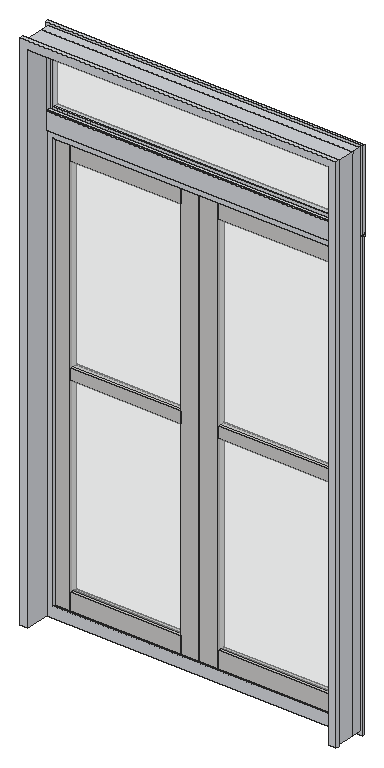
Revit family "APL Residential Thermal Heart French Door with Overlight Open Out", category Doors, host Wall, Revit 2017 (continued)
Definition of nested family "APL Residential Thermal Heart French Door with Overlight Open Out Vertical Section"
  Definition of nested family "Overlight Open Out Detail"
    Definition of nested family "65310_Open Out Frame"
      Lines and regions (mm)
        model lines, in view "Ref. Level"
          curve 258: line (25.732, 23.99, 0) -> (25.5, 24, 0)
          curve 259: line (25.4, 23.253, 0) -> (25.4, 20.025, 0)
          curve 260: line (25.4, 20.025, 0) -> (25.206, 19.25, 0)
          curve 261: line (25.4, 19, 0) -> (25.921, 19, 0)
          curve 262: line (25.921, 19, 0) -> (27.331, 19.809, 0)
          curve 263: line (27.895, 20, 0) -> (28.145, 20, 0)
          curve 264: line (28.345, 19.8, 0) -> (28.345, 18.984, 0)
          curve 265: line (28.165, 18.6, 0) -> (25.58, 16.446, 0)
          curve 266: line (25.4, 16.062, 0) -> (25.4, 12.438, 0)
          curve 267: line (25.58, 12.054, 0) -> (28.165, 9.9, 0)
          curve 268: line (28.345, 9.516, 0) -> (28.345, 8.7, 0)
          curve 269: line (28.145, 8.5, 0) -> (27.895, 8.5, 0)
          curve 270: line (27.331, 8.691, 0) -> (26.078, 9.456, 0)
          curve 271: line (26.078, 9.456, 0) -> (25.4, 9.5, 0)
          curve 272: line (25.206, 9.25, 0) -> (25.394, 8.525, 0)
          curve 273: line (25.394, 8.525, 0) -> (25.4, 5.247, 0)
          curve 274: line (25.654, 4.5, 0) -> (27.721, 5.043, 0)
          curve 275: line (27.721, 5.043, 0) -> (27.907, 5.352, 0)
          curve 276: line (28.241, 5.441, 0) -> (28.605, 5.078, 0)
          curve 277: line (28.692, 4.892, 0) -> (28.899, 2.526, 0)
          curve 278: line (28.497, 2.218, 0) -> (27.087, 2.732, 0)
          curve 279: line (26.317, 3, 0) -> (24, 3, 0)
          curve 280: line (23.046, 3.7, 0) -> (17.783, 3.7, 0)
          curve 281: line (17.783, 3.7, 0) -> (17.559, 3.559, 0)
          curve 282: line (17.559, 3.559, 0) -> (12.4, 3.5, 0)
          curve 283: line (12.4, 3.5, 0) -> (12, 3.9, 0)
          curve 284: line (12, 3.9, 0) -> (11.6, 3.5, 0)
          curve 285: line (11.6, 3.5, 0) -> (6.583, 3.5, 0)
          curve 286: line (6.583, 3.5, 0) -> (6.359, 3.641, 0)
          curve 287: line (6.359, 3.641, 0) -> (0.5, 3.7, 0)
          curve 288: line (0, 3.2, 0) -> (0, -1.801, 0)
          curve 289: line (-0.41, -2.791, 0) -> (-5.407, -7.787, 0)
          curve 290: line (-5.7, -8.495, 0) -> (-5.7, -14.159, 0)
          curve 291: line (-0.495, -18.8, 0) -> (-0.2, -18.8, 0)
          curve 292: line (0, -19, 0) -> (0, -19.8, 0)
          curve 293: line (-0.2, -20, 0) -> (-6, -20, 0)
          curve 294: line (-7, -19, 0) -> (-7, -10.063, 0)
          curve 295: line (-8.072, -7.765, 0) -> (-14.428, -2.431, 0)
          curve 296: line (-15.5, -0.133, 0) -> (-15.5, 33, 0)
          curve 297: line (-14.5, 34, 0) -> (-12.1, 34, 0)
          curve 298: line (-11.4, 32.6, 0) -> (-14.1, 32.6, 0)
          curve 299: line (-14.1, 32.6, 0) -> (-14.1, 29.3, 0)
          curve 300: line (-14.1, 29.3, 0) -> (-12.1, 29.3, 0)
          curve 301: line (-11.4, 29.112, 0) -> (-5.375, 25.634, 0)
          curve 302: line (-4.875, 25.5, 0) -> (-2, 25.5, 0)
          curve 303: line (-2, 25.5, 0) -> (-1.6, 25.1, 0)
          curve 304: line (-1.6, 25.1, 0) -> (-1.2, 25.5, 0)
          curve 305: line (-1.2, 25.5, 0) -> (4.1, 25.5, 0)
          curve 306: line (4.1, 25.5, 0) -> (4.5, 25.1, 0)
          curve 307: line (4.5, 25.1, 0) -> (4.9, 25.5, 0)
          curve 308: line (4.9, 25.5, 0) -> (26.317, 25.5, 0)
          curve 309: arc (25.4, 19.939, 0) -> (25.517, 19.656, 0) -> (25.8, 19.539, 0) r 0.4
          curve 310: arc (26.093, 19.539, 0) -> (26.196, 19.553, 0) -> (26.293, 19.593, 0) r 0.4
          curve 311: arc (27.821, 20.478, 0) -> (28.111, 20.598, 0) -> (28.422, 20.639, 0) r 1.2
          curve 312: arc (29.345, 20.639, 0) -> (29.918, 20.82, 0) -> (30.284, 21.297, 0) r 1
          curve 313: arc (31.077, 23.476, 0) -> (31.224, 23.667, 0) -> (31.453, 23.739, 0) r 0.4
          curve 314: arc (37.947, 23.739, 0) -> (38.176, 23.667, 0) -> (38.323, 23.476, 0) r 0.4
          curve 315: arc (39.116, 21.297, 0) -> (39.482, 20.82, 0) -> (40.055, 20.639, 0) r 1
          curve 316: arc (40.978, 20.639, 0) -> (41.289, 20.598, 0) -> (41.579, 20.478, 0) r 1.2
          curve 317: arc (43.107, 19.593, 0) -> (43.204, 19.553, 0) -> (43.307, 19.539, 0) r 0.4
          curve 318: arc (43.6, 19.539, 0) -> (43.883, 19.656, 0) -> (44, 19.939, 0) r 0.4
          curve 319: arc (44, 23.339, 0) -> (43.883, 23.622, 0) -> (43.6, 23.739, 0) r 0.4
          curve 320: arc (43.307, 23.739, 0) -> (43.204, 23.725, 0) -> (43.107, 23.685, 0) r 0.4
          curve 321: arc (41.579, 22.801, 0) -> (41.285, 22.679, 0) -> (40.97, 22.639, 0) r 1.2
          curve 322: arc (40.97, 22.639, 0) -> (40.795, 22.692, 0) -> (40.684, 22.836, 0) r 0.3
          curve 323: arc (39.796, 25.276, 0) -> (39.649, 25.467, 0) -> (39.42, 25.539, 0) r 0.4
          curve 324: arc (29.98, 25.539, 0) -> (29.751, 25.467, 0) -> (29.604, 25.276, 0) r 0.4
          curve 325: arc (28.716, 22.836, 0) -> (28.605, 22.692, 0) -> (28.43, 22.639, 0) r 0.3
          curve 326: arc (28.43, 22.639, 0) -> (28.115, 22.679, 0) -> (27.821, 22.801, 0) r 1.2
          curve 327: arc (26.293, 23.685, 0) -> (26.196, 23.725, 0) -> (26.093, 23.739, 0) r 0.4
          curve 328: arc (25.8, 23.739, 0) -> (25.517, 23.622, 0) -> (25.4, 23.339, 0) r 0.4
          curve 329: line (25.8, 19.539, 0) -> (26.093, 19.539, 0)
          curve 330: line (26.293, 19.593, 0) -> (27.821, 20.478, 0)
          curve 331: line (28.422, 20.639, 0) -> (29.345, 20.639, 0)
          curve 332: line (30.284, 21.297, 0) -> (31.077, 23.476, 0)
          curve 333: line (31.453, 23.739, 0) -> (37.947, 23.739, 0)
          curve 334: line (38.323, 23.476, 0) -> (39.116, 21.297, 0)
          curve 335: line (40.055, 20.639, 0) -> (40.978, 20.639, 0)
          curve 336: line (41.579, 20.478, 0) -> (43.107, 19.593, 0)
          curve 337: line (43.307, 19.539, 0) -> (43.6, 19.539, 0)
          curve 338: line (44, 19.939, 0) -> (44, 23.339, 0)
          curve 339: line (43.6, 23.739, 0) -> (43.307, 23.739, 0)
          curve 340: line (43.107, 23.685, 0) -> (41.579, 22.801, 0)
          curve 341: line (40.684, 22.836, 0) -> (39.796, 25.276, 0)
          curve 342: line (39.42, 25.539, 0) -> (29.98, 25.539, 0)
          curve 343: line (29.604, 25.276, 0) -> (28.716, 22.836, 0)
          curve 344: line (27.821, 22.801, 0) -> (26.293, 23.685, 0)
          curve 345: line (26.093, 23.739, 0) -> (25.8, 23.739, 0)
          curve 346: line (25.4, 23.339, 0) -> (25.4, 19.939, 0)
      Text (mm)
        text "65310" at (6.108, 51.612, 0), in view "Ref. Level"
    Definition of nested family "65200_Rail"
      Reference planes
        plane 1 "Center (Front/Back)": y = 0
        plane 2: z = 0
        plane 3 "Center (Left/Right)": x = 0
      Lines and regions (mm)
        model lines, in view "Ref. Level"
          curve 1: arc (21.508, 72.285, 0) -> (21.289, 71.405, 0) -> (21.948, 70.781, 0) r 0.9
          curve 2: arc (21.948, 70.781, 0) -> (22.059, 70.711, 0) -> (22.103, 70.587, 0) r 0.2
          curve 3: arc (22.103, 69.98, 0) -> (22.249, 69.626, 0) -> (22.603, 69.48, 0) r 0.5
          curve 4: arc (26.4, 69.48, 0) -> (26.754, 69.626, 0) -> (26.9, 69.98, 0) r 0.5
          curve 5: arc (26.9, 72.45, 0) -> (26.772, 72.668, 0) -> (26.519, 72.663, 0) r 0.25
          curve 6: arc (26.434, 72.611, 0) -> (26.328, 72.479, 0) -> (26.331, 72.309, 0) r 0.25
          curve 7: arc (25.077, 71.544, 0) -> (25.002, 71.511, 0) -> (24.921, 71.5, 0) r 0.3
          curve 8: arc (24.4, 71.5, 0) -> (24.242, 71.578, 0) -> (24.206, 71.75, 0) r 0.2
          curve 9: arc (24.4, 75.753, 0) -> (24.374, 75.875, 0) -> (24.3, 75.976, 0) r 0.3
          curve 10: arc (24.3, 75.976, 0) -> (24.22, 76.307, 0) -> (24.5, 76.5, 0) r 0.3
          curve 11: arc (26.721, 75.957, 0) -> (26.81, 75.905, 0) -> (26.862, 75.816, 0) r 0.2
          curve 12: arc (26.907, 75.648, 0) -> (27.048, 75.507, 0) -> (27.241, 75.559, 0) r 0.2
          curve 13: arc (27.605, 75.922, 0) -> (27.665, 76.008, 0) -> (27.692, 76.108, 0) r 0.3
          curve 14: arc (27.899, 78.474, 0) -> (27.783, 78.738, 0) -> (27.497, 78.782, 0) r 0.3
          curve 15: arc (26.087, 78.268, 0) -> (25.961, 78.181, 0) -> (25.895, 78.043, 0) r 0.3
          curve 16: arc (25.895, 78.043, 0) -> (25.622, 77.801, 0) -> (25.317, 78, 0) r 0.3
          curve 17: arc (9.5, 78, 0) -> (9.359, 77.941, 0) -> (9.3, 77.8, 0) r 0.2
          curve 18: arc (9.3, 77.5, 0) -> (9.38, 77.2, 0) -> (9.6, 76.98, 0) r 0.6
          curve 19: arc (10.7, 76.345, 0) -> (10.773, 76.272, 0) -> (10.8, 76.172, 0) r 0.2
          curve 20: arc (10.8, 72.08, 0) -> (10.507, 71.373, 0) -> (9.8, 71.08, 0) r 1
          curve 21: arc (2.42, 71.08, 0) -> (1.721, 71.366, 0) -> (1.421, 72.06, 0) r 1
          curve 22: arc (1.322, 76.935, 0) -> (1.357, 77.052, 0) -> (1.453, 77.127, 0) r 0.2
          curve 23: arc (1.453, 77.127, 0) -> (1.621, 77.234, 0) -> (1.725, 77.403, 0) r 0.45
          curve 24: arc (1.725, 77.403, 0) -> (1.729, 77.522, 0) -> (1.665, 77.621, 0) r 0.2
          curve 25: arc (0.2, 78, 0) -> (0.059, 77.941, 0) -> (0, 77.8, 0) r 0.2
          curve 26: arc (0, 0.501, 0) -> (0.146, 0.147, 0) -> (0.5, 0, 0) r 0.5
          curve 27: arc (1, 0, 0) -> (1.354, 0.146, 0) -> (1.5, 0.5, 0) r 0.5
          curve 28: arc (1.5, 10.66, 0) -> (1.559, 10.801, 0) -> (1.7, 10.86, 0) r 0.2
          curve 29: arc (31.317, 10.86, 0) -> (31.622, 11.059, 0) -> (31.895, 10.817, 0) r 0.3
          curve 30: arc (31.895, 10.817, 0) -> (31.961, 10.679, 0) -> (32.087, 10.592, 0) r 0.3
          curve 31: arc (33.497, 10.078, 0) -> (33.783, 10.122, 0) -> (33.899, 10.386, 0) r 0.3
          curve 32: arc (33.692, 12.752, 0) -> (33.665, 12.852, 0) -> (33.605, 12.938, 0) r 0.3
          curve 33: arc (33.241, 13.301, 0) -> (33.048, 13.353, 0) -> (32.907, 13.212, 0) r 0.2
          curve 34: arc (32.862, 13.044, 0) -> (32.81, 12.955, 0) -> (32.721, 12.903, 0) r 0.2
          curve 35: arc (30.5, 12.36, 0) -> (30.22, 12.553, 0) -> (30.3, 12.884, 0) r 0.3
          curve 36: arc (30.3, 12.884, 0) -> (30.374, 12.985, 0) -> (30.4, 13.107, 0) r 0.3
          curve 37: arc (30.206, 17.11, 0) -> (30.242, 17.282, 0) -> (30.4, 17.36, 0) r 0.2
          curve 38: arc (30.921, 17.36, 0) -> (31.002, 17.349, 0) -> (31.077, 17.316, 0) r 0.3
          curve 39: arc (32.331, 16.551, 0) -> (32.328, 16.381, 0) -> (32.434, 16.249, 0) r 0.25
          curve 40: arc (32.519, 16.197, 0) -> (32.772, 16.192, 0) -> (32.9, 16.41, 0) r 0.25
          curve 41: arc (32.9, 18.88, 0) -> (32.754, 19.234, 0) -> (32.4, 19.38, 0) r 0.5
          curve 42: arc (29, 19.38, 0) -> (28.646, 19.234, 0) -> (28.5, 18.88, 0) r 0.5
          curve 43: arc (28.5, 12.96, 0) -> (28.354, 12.606, 0) -> (28, 12.46, 0) r 0.5
          curve 44: arc (23.847, 12.46, 0) -> (23.416, 12.707, 0) -> (23.41, 13.203, 0) r 0.5
          curve 45: arc (23.41, 13.203, 0) -> (23.869, 15.613, 0) -> (22.798, 17.82, 0) r 3.9
          curve 46: arc (22.798, 17.82, 0) -> (21.525, 17.837, 0) -> (21.508, 16.565, 0) r 0.9
          curve 47: arc (21.508, 16.565, 0) -> (22.103, 15.1, 0) -> (21.508, 13.635, 0) r 2.1
          curve 48: arc (21.508, 13.635, 0) -> (21.382, 13.473, 0) -> (21.297, 13.286, 0) r 0.9
          curve 49: arc (21.297, 13.286, 0) -> (21.199, 13.114, 0) -> (21.043, 12.993, 0) r 0.5
          curve 50: arc (21.043, 12.993, 0) -> (20.003, 12.75, 0) -> (18.962, 12.993, 0) r 2.35
          curve 51: arc (18.962, 12.993, 0) -> (18.806, 13.114, 0) -> (18.708, 13.286, 0) r 0.5
          curve 52: arc (18.708, 13.286, 0) -> (18.623, 13.473, 0) -> (18.498, 13.635, 0) r 0.9
          curve 53: arc (18.498, 13.635, 0) -> (17.903, 15.1, 0) -> (18.498, 16.565, 0) r 2.1
          curve 54: arc (18.498, 16.565, 0) -> (18.48, 17.837, 0) -> (17.208, 17.82, 0) r 0.9
          curve 55: arc (17.208, 17.82, 0) -> (16.136, 15.613, 0) -> (16.595, 13.203, 0) r 3.9
          curve 56: arc (16.595, 13.203, 0) -> (16.589, 12.707, 0) -> (16.158, 12.46, 0) r 0.5
          curve 57: arc (2.1, 12.46, 0) -> (1.746, 12.606, 0) -> (1.6, 12.96, 0) r 0.5
          curve 58: arc (1.6, 68.98, 0) -> (1.746, 69.334, 0) -> (2.1, 69.48, 0) r 0.5
          curve 59: arc (9.8, 69.48, 0) -> (11.638, 70.242, 0) -> (12.4, 72.08, 0) r 2.6
          curve 60: arc (12.4, 75.9, 0) -> (12.546, 76.254, 0) -> (12.9, 76.4, 0) r 0.5
          curve 61: line (22.103, 70.587, 0) -> (22.103, 69.98, 0)
          curve 62: line (22.603, 69.48, 0) -> (26.4, 69.48, 0)
          curve 63: line (26.9, 69.98, 0) -> (26.9, 72.45, 0)
          curve 64: line (26.331, 72.309, 0) -> (25.077, 71.544, 0)
          curve 65: line (25.077, 71.544, 0) -> (24.4, 71.5, 0)
          curve 66: line (24.206, 71.75, 0) -> (24.394, 72.475, 0)
          curve 67: line (24.394, 72.475, 0) -> (24.4, 75.753, 0)
          curve 68: line (24.654, 76.5, 0) -> (26.721, 75.957, 0)
          curve 69: line (26.721, 75.957, 0) -> (26.907, 75.648, 0)
          curve 70: line (27.241, 75.559, 0) -> (27.605, 75.922, 0)
          curve 71: line (27.692, 76.108, 0) -> (27.899, 78.474, 0)
          curve 72: line (27.497, 78.782, 0) -> (26.087, 78.268, 0)
          curve 73: line (25.317, 78, 0) -> (9.5, 78, 0)
          curve 74: line (9.3, 77.8, 0) -> (9.3, 77.5, 0)
          curve 75: line (9.6, 76.98, 0) -> (10.7, 76.345, 0)
          curve 76: line (10.8, 76.172, 0) -> (10.8, 72.08, 0)
          curve 77: line (9.8, 71.08, 0) -> (2.42, 71.08, 0)
          curve 78: line (1.421, 72.06, 0) -> (1.322, 76.935, 0)
          curve 79: line (1.665, 77.621, 0) -> (1.269, 77.953, 0)
          curve 80: line (1.269, 77.953, 0) -> (0.2, 78, 0)
          curve 81: line (0, 77.8, 0) -> (0, 0.501, 0)
          curve 82: line (0.5, 0, 0) -> (1, 0, 0)
          curve 83: line (1.5, 0.5, 0) -> (1.5, 10.66, 0)
          curve 84: line (1.7, 10.86, 0) -> (31.317, 10.86, 0)
          curve 85: line (32.087, 10.592, 0) -> (33.497, 10.078, 0)
          curve 86: line (33.899, 10.386, 0) -> (33.692, 12.752, 0)
          curve 87: line (33.605, 12.938, 0) -> (33.241, 13.301, 0)
          curve 88: line (32.907, 13.212, 0) -> (32.862, 13.044, 0)
          curve 89: line (32.862, 13.044, 0) -> (30.732, 12.37, 0)
          curve 90: line (30.732, 12.37, 0) -> (30.5, 12.36, 0)
          curve 91: line (30.4, 13.107, 0) -> (30.4, 16.335, 0)
          curve 92: line (30.4, 16.335, 0) -> (30.206, 17.11, 0)
          curve 93: line (30.4, 17.36, 0) -> (30.921, 17.36, 0)
          curve 94: line (30.921, 17.36, 0) -> (32.331, 16.551, 0)
          curve 95: line (32.9, 16.41, 0) -> (32.9, 18.88, 0)
          curve 96: line (32.4, 19.38, 0) -> (29, 19.38, 0)
          curve 97: line (28.5, 18.88, 0) -> (28.5, 12.96, 0)
          curve 98: line (28, 12.46, 0) -> (23.847, 12.46, 0)
          curve 99: line (16.158, 12.46, 0) -> (2.1, 12.46, 0)
          curve 100: line (1.6, 12.96, 0) -> (1.6, 68.98, 0)
          curve 101: line (2.1, 69.48, 0) -> (9.8, 69.48, 0)
          curve 102: line (12.4, 72.08, 0) -> (12.4, 75.9, 0)
          curve 103: line (12.9, 76.4, 0) -> (16.164, 76.4, 0)
          curve 104: arc (16.164, 76.4, 0) -> (16.595, 76.153, 0) -> (16.6, 75.656, 0) r 0.5
          curve 105: arc (16.6, 75.656, 0) -> (16.136, 73.242, 0) -> (17.208, 71.03, 0) r 3.9
          curve 106: arc (17.208, 71.03, 0) -> (18.48, 71.013, 0) -> (18.498, 72.285, 0) r 0.9
          curve 107: arc (18.498, 72.285, 0) -> (17.903, 73.75, 0) -> (18.498, 75.215, 0) r 2.1
          curve 108: arc (18.498, 75.215, 0) -> (18.623, 75.377, 0) -> (18.708, 75.564, 0) r 0.9
          curve 109: arc (18.708, 75.564, 0) -> (18.806, 75.736, 0) -> (18.962, 75.857, 0) r 0.5
          curve 110: arc (18.962, 75.857, 0) -> (20.003, 76.1, 0) -> (21.043, 75.857, 0) r 2.35
          curve 111: arc (21.043, 75.857, 0) -> (21.199, 75.736, 0) -> (21.297, 75.564, 0) r 0.5
          curve 112: arc (21.297, 75.564, 0) -> (21.382, 75.377, 0) -> (21.508, 75.215, 0) r 0.9
          curve 113: arc (21.508, 75.215, 0) -> (22.103, 73.75, 0) -> (21.508, 72.285, 0) r 2.1
          curve 114: arc (30.4, 16.46, 0) -> (30.517, 16.743, 0) -> (30.8, 16.86, 0) r 0.4
          curve 115: arc (31.093, 16.86, 0) -> (31.196, 16.846, 0) -> (31.293, 16.806, 0) r 0.4
          curve 116: arc (32.821, 15.921, 0) -> (33.111, 15.801, 0) -> (33.422, 15.76, 0) r 1.2
          curve 117: arc (34.345, 15.76, 0) -> (34.918, 15.579, 0) -> (35.284, 15.102, 0) r 1
          curve 118: arc (36.077, 12.923, 0) -> (36.224, 12.732, 0) -> (36.453, 12.66, 0) r 0.4
          curve 119: arc (42.947, 12.66, 0) -> (43.176, 12.732, 0) -> (43.323, 12.923, 0) r 0.4
          curve 120: arc (44.116, 15.102, 0) -> (44.482, 15.579, 0) -> (45.055, 15.76, 0) r 1
          curve 121: arc (45.978, 15.76, 0) -> (46.289, 15.801, 0) -> (46.579, 15.921, 0) r 1.2
          curve 122: arc (48.107, 16.806, 0) -> (48.204, 16.846, 0) -> (48.307, 16.86, 0) r 0.4
          curve 123: arc (48.6, 16.86, 0) -> (48.883, 16.743, 0) -> (49, 16.46, 0) r 0.4
          curve 124: arc (49, 13.06, 0) -> (48.883, 12.777, 0) -> (48.6, 12.66, 0) r 0.4
          curve 125: arc (48.307, 12.66, 0) -> (48.204, 12.674, 0) -> (48.107, 12.714, 0) r 0.4
          curve 126: arc (46.579, 13.599, 0) -> (46.285, 13.72, 0) -> (45.97, 13.76, 0) r 1.2
          curve 127: arc (45.97, 13.76, 0) -> (45.795, 13.707, 0) -> (45.684, 13.563, 0) r 0.3
          curve 128: arc (44.796, 11.123, 0) -> (44.649, 10.932, 0) -> (44.42, 10.86, 0) r 0.4
          curve 129: arc (34.98, 10.86, 0) -> (34.751, 10.932, 0) -> (34.604, 11.123, 0) r 0.4
          curve 130: arc (33.716, 13.563, 0) -> (33.605, 13.707, 0) -> (33.43, 13.76, 0) r 0.3
          curve 131: arc (33.43, 13.76, 0) -> (33.115, 13.72, 0) -> (32.821, 13.599, 0) r 1.2
          curve 132: arc (31.293, 12.714, 0) -> (31.196, 12.674, 0) -> (31.093, 12.66, 0) r 0.4
          curve 133: arc (30.8, 12.66, 0) -> (30.517, 12.777, 0) -> (30.4, 13.06, 0) r 0.4
          curve 134: line (30.8, 16.86, 0) -> (31.093, 16.86, 0)
          curve 135: line (31.293, 16.806, 0) -> (32.821, 15.921, 0)
          curve 136: line (33.422, 15.76, 0) -> (34.345, 15.76, 0)
          curve 137: line (35.284, 15.102, 0) -> (36.077, 12.923, 0)
          curve 138: line (36.453, 12.66, 0) -> (42.947, 12.66, 0)
          curve 139: line (43.323, 12.923, 0) -> (44.116, 15.102, 0)
          curve 140: line (45.055, 15.76, 0) -> (45.978, 15.76, 0)
          curve 141: line (46.579, 15.921, 0) -> (48.107, 16.806, 0)
          curve 142: line (48.307, 16.86, 0) -> (48.6, 16.86, 0)
          curve 143: line (49, 16.46, 0) -> (49, 13.06, 0)
          curve 144: line (48.6, 12.66, 0) -> (48.307, 12.66, 0)
          curve 145: line (48.107, 12.714, 0) -> (46.579, 13.599, 0)
          curve 146: line (45.684, 13.563, 0) -> (44.796, 11.123, 0)
          curve 147: line (44.42, 10.86, 0) -> (34.98, 10.86, 0)
          curve 148: line (34.604, 11.123, 0) -> (33.716, 13.563, 0)
          curve 149: line (32.821, 13.599, 0) -> (31.293, 12.714, 0)
          curve 150: line (31.093, 12.66, 0) -> (30.8, 12.66, 0)
          curve 151: line (30.4, 13.06, 0) -> (30.4, 16.46, 0)
          curve 152: arc (24.4, 72.4, 0) -> (24.517, 72.117, 0) -> (24.8, 72, 0) r 0.4
          curve 153: arc (25.093, 72, 0) -> (25.196, 72.014, 0) -> (25.293, 72.054, 0) r 0.4
          curve 154: arc (26.821, 72.939, 0) -> (27.111, 73.059, 0) -> (27.422, 73.1, 0) r 1.2
          curve 155: arc (28.345, 73.1, 0) -> (28.918, 73.281, 0) -> (29.284, 73.758, 0) r 1
          curve 156: arc (30.077, 75.937, 0) -> (30.224, 76.128, 0) -> (30.453, 76.2, 0) r 0.4
          curve 157: arc (36.947, 76.2, 0) -> (37.176, 76.128, 0) -> (37.323, 75.937, 0) r 0.4
          curve 158: arc (38.116, 73.758, 0) -> (38.482, 73.281, 0) -> (39.055, 73.1, 0) r 1
          curve 159: arc (39.978, 73.1, 0) -> (40.289, 73.059, 0) -> (40.579, 72.939, 0) r 1.2
          curve 160: arc (42.107, 72.054, 0) -> (42.204, 72.014, 0) -> (42.307, 72, 0) r 0.4
          curve 161: arc (42.6, 72, 0) -> (42.883, 72.117, 0) -> (43, 72.4, 0) r 0.4
          curve 162: arc (43, 75.8, 0) -> (42.883, 76.083, 0) -> (42.6, 76.2, 0) r 0.4
          curve 163: arc (42.307, 76.2, 0) -> (42.204, 76.186, 0) -> (42.107, 76.146, 0) r 0.4
          curve 164: arc (40.579, 75.261, 0) -> (40.285, 75.14, 0) -> (39.97, 75.1, 0) r 1.2
          curve 165: arc (39.97, 75.1, 0) -> (39.795, 75.153, 0) -> (39.684, 75.297, 0) r 0.3
          curve 166: arc (38.796, 77.737, 0) -> (38.649, 77.928, 0) -> (38.42, 78, 0) r 0.4
          curve 167: arc (28.98, 78, 0) -> (28.751, 77.928, 0) -> (28.604, 77.737, 0) r 0.4
          curve 168: arc (27.716, 75.297, 0) -> (27.605, 75.153, 0) -> (27.43, 75.1, 0) r 0.3
          curve 169: arc (27.43, 75.1, 0) -> (27.115, 75.14, 0) -> (26.821, 75.261, 0) r 1.2
          curve 170: arc (25.293, 76.146, 0) -> (25.196, 76.186, 0) -> (25.093, 76.2, 0) r 0.4
          curve 171: arc (24.8, 76.2, 0) -> (24.517, 76.083, 0) -> (24.4, 75.8, 0) r 0.4
          curve 172: line (24.8, 72, 0) -> (25.093, 72, 0)
          curve 173: line (25.293, 72.054, 0) -> (26.821, 72.939, 0)
          curve 174: line (27.422, 73.1, 0) -> (28.345, 73.1, 0)
          curve 175: line (29.284, 73.758, 0) -> (30.077, 75.937, 0)
          curve 176: line (30.453, 76.2, 0) -> (36.947, 76.2, 0)
          curve 177: line (37.323, 75.937, 0) -> (38.116, 73.758, 0)
          curve 178: line (39.055, 73.1, 0) -> (39.978, 73.1, 0)
          curve 179: line (40.579, 72.939, 0) -> (42.107, 72.054, 0)
          curve 180: line (42.307, 72, 0) -> (42.6, 72, 0)
          curve 181: line (43, 72.4, 0) -> (43, 75.8, 0)
          curve 182: line (42.6, 76.2, 0) -> (42.307, 76.2, 0)
          curve 183: line (42.107, 76.146, 0) -> (40.579, 75.261, 0)
          curve 184: line (39.684, 75.297, 0) -> (38.796, 77.737, 0)
          curve 185: line (38.42, 78, 0) -> (28.98, 78, 0)
          curve 186: line (28.604, 77.737, 0) -> (27.716, 75.297, 0)
          curve 187: line (26.821, 75.261, 0) -> (25.293, 76.146, 0)
          curve 188: line (25.093, 76.2, 0) -> (24.8, 76.2, 0)
          curve 189: line (24.4, 75.8, 0) -> (24.4, 72.4, 0)
          curve 190: arc (44.4, 69.6, 0) -> (44.754, 69.746, 0) -> (44.9, 70.1, 0) r 0.5
          curve 191: arc (44.9, 76.091, 0) -> (44.955, 76.318, 0) -> (45.108, 76.496, 0) r 0.5
          curve 192: arc (45.108, 76.496, 0) -> (45.336, 76.687, 0) -> (45.535, 76.908, 0) r 2.1
          curve 193: arc (45.535, 76.908, 0) -> (45.71, 77.049, 0) -> (45.929, 77.1, 0) r 0.5
          curve 194: arc (49, 77.1, 0) -> (49.354, 76.954, 0) -> (49.5, 76.6, 0) r 0.5
          curve 195: arc (49.5, 23.4, 0) -> (49.354, 23.046, 0) -> (49, 22.9, 0) r 0.5
          curve 196: arc (44.8, 22.9, 0) -> (44.659, 22.841, 0) -> (44.6, 22.7, 0) r 0.2
          curve 197: arc (44.6, 21.1, 0) -> (44.659, 20.959, 0) -> (44.8, 20.9, 0) r 0.2
          curve 198: arc (49.295, 20.9, 0) -> (49.436, 20.841, 0) -> (49.495, 20.7, 0) r 0.2
          curve 199: arc (49.495, 19.46, 0) -> (49.436, 19.319, 0) -> (49.295, 19.26, 0) r 0.2
          curve 200: arc (47.809, 19.26, 0) -> (47.674, 19.241, 0) -> (47.549, 19.187, 0) r 0.5
          curve 201: arc (46.979, 18.839, 0) -> (46.628, 18.475, 0) -> (46.5, 17.986, 0) r 1
          curve 202: arc (46.5, 16.41, 0) -> (46.628, 16.192, 0) -> (46.88, 16.197, 0) r 0.25
          curve 203: arc (46.966, 16.249, 0) -> (47.072, 16.381, 0) -> (47.069, 16.551, 0) r 0.25
          curve 204: arc (48.323, 17.316, 0) -> (48.398, 17.349, 0) -> (48.479, 17.36, 0) r 0.3
          curve 205: arc (49, 17.36, 0) -> (49.158, 17.282, 0) -> (49.194, 17.11, 0) r 0.2
          curve 206: arc (49, 13.107, 0) -> (49.026, 12.985, 0) -> (49.1, 12.884, 0) r 0.3
          curve 207: arc (49.1, 12.884, 0) -> (49.18, 12.553, 0) -> (48.9, 12.36, 0) r 0.3
          curve 208: arc (46.679, 12.903, 0) -> (46.59, 12.955, 0) -> (46.538, 13.044, 0) r 0.2
          curve 209: arc (46.493, 13.212, 0) -> (46.352, 13.353, 0) -> (46.159, 13.301, 0) r 0.2
          curve 210: arc (45.795, 12.938, 0) -> (45.735, 12.852, 0) -> (45.708, 12.752, 0) r 0.3
          curve 211: arc (45.501, 10.386, 0) -> (45.617, 10.122, 0) -> (45.903, 10.078, 0) r 0.3
          curve 212: arc (47.313, 10.592, 0) -> (47.439, 10.679, 0) -> (47.505, 10.817, 0) r 0.3
          curve 213: arc (47.505, 10.817, 0) -> (47.778, 11.059, 0) -> (48.083, 10.86, 0) r 0.3
          curve 214: arc (49.4, 10.86, 0) -> (49.754, 10.714, 0) -> (49.9, 10.36, 0) r 0.5
          curve 215: arc (49.9, 0.5, 0) -> (50.046, 0.146, 0) -> (50.4, 0, 0) r 0.5
          curve 216: arc (50.9, 0, 0) -> (51.254, 0.146, 0) -> (51.4, 0.5, 0) r 0.5
          curve 217: arc (51.4, 96.5, 0) -> (51.254, 96.854, 0) -> (50.9, 97, 0) r 0.5
          curve 218: arc (43, 97, 0) -> (42.646, 96.854, 0) -> (42.5, 96.5, 0) r 0.5
          curve 219: arc (42.5, 95.25, 0) -> (43, 94.75, 0) -> (43.5, 95.25, 0) r 0.5
          curve 220: arc (43.5, 95.8, 0) -> (43.559, 95.941, 0) -> (43.7, 96, 0) r 0.2
          curve 221: arc (44.8, 96, 0) -> (44.941, 95.941, 0) -> (45, 95.8, 0) r 0.2
          curve 222: arc (45, 90.7, 0) -> (44.941, 90.559, 0) -> (44.8, 90.5, 0) r 0.2
          curve 223: arc (43.7, 90.5, 0) -> (43.559, 90.559, 0) -> (43.5, 90.7, 0) r 0.2
          curve 224: arc (43.5, 91.25, 0) -> (43, 91.75, 0) -> (42.5, 91.25, 0) r 0.5
          curve 225: arc (42.5, 89.7, 0) -> (42.559, 89.559, 0) -> (42.7, 89.5, 0) r 0.2
          curve 226: arc (46.3, 89.5, 0) -> (46.441, 89.559, 0) -> (46.5, 89.7, 0) r 0.2
          curve 227: arc (46.5, 95, 0) -> (46.646, 95.354, 0) -> (47, 95.5, 0) r 0.5
          curve 228: arc (49, 95.5, 0) -> (49.354, 95.354, 0) -> (49.5, 95, 0) r 0.5
          curve 229: arc (49.5, 79.5, 0) -> (49.354, 79.146, 0) -> (49, 79, 0) r 0.5
          curve 230: arc (44.88, 79, 0) -> (44.739, 78.941, 0) -> (44.68, 78.8, 0) r 0.2
          curve 231: arc (44.68, 78.2, 0) -> (44.621, 78.059, 0) -> (44.48, 78, 0) r 0.2
          curve 232: arc (42.083, 78, 0) -> (41.778, 77.801, 0) -> (41.505, 78.043, 0) r 0.3
          curve 233: arc (41.505, 78.043, 0) -> (41.439, 78.181, 0) -> (41.313, 78.268, 0) r 0.3
          curve 234: arc (39.903, 78.782, 0) -> (39.617, 78.738, 0) -> (39.501, 78.474, 0) r 0.3
          curve 235: arc (39.708, 76.108, 0) -> (39.735, 76.008, 0) -> (39.795, 75.922, 0) r 0.3
          curve 236: arc (40.159, 75.559, 0) -> (40.352, 75.507, 0) -> (40.493, 75.648, 0) r 0.2
          curve 237: arc (40.538, 75.816, 0) -> (40.59, 75.905, 0) -> (40.679, 75.957, 0) r 0.2
          curve 238: arc (42.9, 76.5, 0) -> (43.18, 76.307, 0) -> (43.1, 75.976, 0) r 0.3
          curve 239: arc (43.1, 75.976, 0) -> (43.026, 75.875, 0) -> (43, 75.753, 0) r 0.3
          curve 240: arc (43.194, 71.75, 0) -> (43.158, 71.578, 0) -> (43, 71.5, 0) r 0.2
          curve 241: arc (42.479, 71.5, 0) -> (42.398, 71.511, 0) -> (42.323, 71.544, 0) r 0.3
          curve 242: arc (41.069, 72.309, 0) -> (41.072, 72.479, 0) -> (40.966, 72.611, 0) r 0.25
          curve 243: arc (40.88, 72.663, 0) -> (40.628, 72.668, 0) -> (40.5, 72.45, 0) r 0.25
          curve 244: arc (40.5, 70.874, 0) -> (40.628, 70.385, 0) -> (40.979, 70.021, 0) r 1
          curve 245: arc (41.549, 69.673, 0) -> (41.674, 69.619, 0) -> (41.809, 69.6, 0) r 0.5
          curve 246: line (44.9, 70.1, 0) -> (44.9, 76.091, 0)
          curve 247: line (45.929, 77.1, 0) -> (49, 77.1, 0)
          curve 248: line (49.5, 76.6, 0) -> (49.5, 23.4, 0)
          curve 249: line (49, 22.9, 0) -> (44.8, 22.9, 0)
          curve 250: line (44.6, 22.7, 0) -> (44.6, 21.1, 0)
          curve 251: line (44.8, 20.9, 0) -> (49.295, 20.9, 0)
          curve 252: line (49.495, 20.7, 0) -> (49.495, 19.46, 0)
          curve 253: line (49.295, 19.26, 0) -> (47.809, 19.26, 0)
          curve 254: line (47.549, 19.187, 0) -> (46.979, 18.839, 0)
          curve 255: line (46.5, 17.986, 0) -> (46.5, 16.41, 0)
          curve 256: line (47.069, 16.551, 0) -> (48.323, 17.316, 0)
          curve 257: line (48.323, 17.316, 0) -> (49, 17.36, 0)
          curve 258: line (49.194, 17.11, 0) -> (49.006, 16.385, 0)
          curve 259: line (49.006, 16.385, 0) -> (49, 13.107, 0)
          curve 260: line (48.746, 12.36, 0) -> (46.679, 12.903, 0)
          curve 261: line (46.679, 12.903, 0) -> (46.493, 13.212, 0)
          curve 262: line (46.159, 13.301, 0) -> (45.795, 12.938, 0)
          curve 263: line (45.708, 12.752, 0) -> (45.501, 10.386, 0)
          curve 264: line (45.903, 10.078, 0) -> (47.313, 10.592, 0)
          curve 265: line (48.083, 10.86, 0) -> (49.4, 10.86, 0)
          curve 266: line (49.9, 10.36, 0) -> (49.9, 0.5, 0)
          curve 267: line (50.4, 0, 0) -> (50.9, 0, 0)
          curve 268: line (51.4, 0.5, 0) -> (51.4, 96.5, 0)
          curve 269: line (43, 97, 0) -> (50.9, 97, 0)
          curve 270: line (50.9, 97, 0) -> (43, 97, 0)
          curve 271: line (42.5, 96.5, 0) -> (42.5, 95.25, 0)
          curve 272: line (43.5, 95.25, 0) -> (43.5, 95.8, 0)
          curve 273: line (43.7, 96, 0) -> (44.8, 96, 0)
          curve 274: line (45, 95.8, 0) -> (45, 90.7, 0)
          curve 275: line (44.8, 90.5, 0) -> (43.7, 90.5, 0)
          curve 276: line (43.5, 90.7, 0) -> (43.5, 91.25, 0)
          curve 277: line (42.5, 91.25, 0) -> (42.5, 89.7, 0)
          curve 278: line (42.7, 89.5, 0) -> (46.3, 89.5, 0)
          curve 279: line (46.5, 89.7, 0) -> (46.5, 95, 0)
          curve 280: line (47, 95.5, 0) -> (49, 95.5, 0)
          curve 281: line (49.5, 95, 0) -> (49.5, 79.5, 0)
          curve 282: line (49, 79, 0) -> (44.88, 79, 0)
          curve 283: line (44.68, 78.8, 0) -> (44.68, 78.2, 0)
          curve 284: line (44.48, 78, 0) -> (42.083, 78, 0)
          curve 285: line (41.313, 78.268, 0) -> (39.903, 78.782, 0)
          curve 286: line (39.501, 78.474, 0) -> (39.708, 76.108, 0)
          curve 287: line (39.795, 75.922, 0) -> (40.159, 75.559, 0)
          curve 288: line (40.493, 75.648, 0) -> (40.538, 75.816, 0)
          curve 289: line (40.538, 75.816, 0) -> (42.668, 76.49, 0)
          curve 290: line (42.668, 76.49, 0) -> (42.9, 76.5, 0)
          curve 291: line (43, 75.753, 0) -> (43, 72.525, 0)
          curve 292: line (43, 72.525, 0) -> (43.194, 71.75, 0)
          curve 293: line (43, 71.5, 0) -> (42.479, 71.5, 0)
          curve 294: line (42.479, 71.5, 0) -> (41.069, 72.309, 0)
          curve 295: line (40.5, 72.45, 0) -> (40.5, 70.874, 0)
          curve 296: line (40.979, 70.021, 0) -> (41.549, 69.673, 0)
          curve 297: line (41.809, 69.6, 0) -> (44.4, 69.6, 0)
      Text (mm)
        text "65200" at (8.462, 126.741, 0), in view "Ref. Level"
    Definition of nested family "65190_Coupling Bar"
      Reference planes
        plane 1 "Center (Front/Back)": y = 0
        plane 2: z = 0
        plane 3 "Center (Left/Right)": x = 0
      Lines and regions (mm)
        model lines, in view "Ref. Level"
          curve 1: arc (3.069, 38.775, 0) -> (3.048, 39.263, 0) -> (2.622, 39.5, 0) r 0.5
          curve 2: arc (-7.1, 39.5, 0) -> (-7.453, 39.354, 0) -> (-7.6, 39, 0) r 0.5
          curve 3: arc (-7.6, 14.758, 0) -> (-7.453, 14.404, 0) -> (-7.1, 14.258, 0) r 0.5
          curve 4: arc (2.498, 14.258, 0) -> (2.866, 14.419, 0) -> (2.996, 14.8, 0) r 0.5
          curve 5: arc (2.996, 14.8, 0) -> (3.4, 15.493, 0) -> (4.189, 15.352, 0) r 0.7
          curve 6: arc (4.189, 15.352, 0) -> (5.5, 14.808, 0) -> (6.81, 15.352, 0) r 1.85
          curve 7: arc (6.81, 15.352, 0) -> (6.947, 15.459, 0) -> (7.105, 15.528, 0) r 0.7
          curve 8: arc (7.105, 15.528, 0) -> (7.292, 15.632, 0) -> (7.418, 15.804, 0) r 0.5
          curve 9: arc (7.418, 15.804, 0) -> (7.6, 16.658, 0) -> (7.418, 17.512, 0) r 2.1
          curve 10: arc (7.418, 17.512, 0) -> (7.292, 17.684, 0) -> (7.105, 17.787, 0) r 0.5
          curve 11: arc (7.105, 17.787, 0) -> (6.947, 17.857, 0) -> (6.81, 17.964, 0) r 0.7
          curve 12: arc (6.81, 17.964, 0) -> (5.5, 18.508, 0) -> (4.189, 17.964, 0) r 1.85
          curve 13: arc (4.189, 17.964, 0) -> (3.2, 17.962, 0) -> (3.198, 18.952, 0) r 0.7
          curve 14: arc (3.198, 18.952, 0) -> (4.94, 19.859, 0) -> (6.887, 19.597, 0) r 3.25
          curve 15: arc (6.887, 19.597, 0) -> (7.368, 19.627, 0) -> (7.6, 20.049, 0) r 0.5
          curve 16: arc (7.6, 33.269, 0) -> (7.368, 33.691, 0) -> (6.887, 33.721, 0) r 0.5
          curve 17: arc (6.887, 33.721, 0) -> (4.94, 33.459, 0) -> (3.198, 34.366, 0) r 3.25
          curve 18: arc (3.198, 34.366, 0) -> (3.2, 35.356, 0) -> (4.189, 35.355, 0) r 0.7
          curve 19: arc (4.189, 35.355, 0) -> (5.5, 34.81, 0) -> (6.81, 35.355, 0) r 1.85
          curve 20: arc (6.81, 35.355, 0) -> (6.947, 35.461, 0) -> (7.105, 35.531, 0) r 0.7
          curve 21: arc (7.105, 35.531, 0) -> (7.292, 35.635, 0) -> (7.418, 35.807, 0) r 0.5
          curve 22: arc (7.418, 35.807, 0) -> (7.6, 36.66, 0) -> (7.418, 37.514, 0) r 2.1
          curve 23: arc (7.418, 37.514, 0) -> (7.292, 37.686, 0) -> (7.105, 37.79, 0) r 0.5
          curve 24: arc (7.105, 37.79, 0) -> (6.947, 37.86, 0) -> (6.81, 37.966, 0) r 0.7
          curve 25: arc (6.81, 37.966, 0) -> (5.5, 38.51, 0) -> (4.189, 37.966, 0) r 1.85
          curve 26: arc (4.189, 37.966, 0) -> (3.284, 37.893, 0) -> (3.069, 38.775, 0) r 0.7
          curve 27: arc (-3.309, 43.331, 0) -> (-3.479, 43.329, 0) -> (-3.611, 43.435, 0) r 0.25
          curve 28: arc (-3.663, 43.52, 0) -> (-3.679, 43.75, 0) -> (-3.5, 43.895, 0) r 0.25
          curve 29: arc (-3.5, 44.145, 0) -> (-3.441, 44.287, 0) -> (-3.3, 44.345, 0) r 0.2
          curve 30: arc (-2.484, 44.345, 0) -> (-2.272, 44.298, 0) -> (-2.1, 44.165, 0) r 0.5
          curve 31: arc (-0.154, 41.83, 0) -> (0, 41.758, 0) -> (0.154, 41.83, 0) r 0.2
          curve 32: arc (2.1, 44.165, 0) -> (2.272, 44.298, 0) -> (2.484, 44.345, 0) r 0.5
          curve 33: arc (3.3, 44.345, 0) -> (3.441, 44.287, 0) -> (3.5, 44.145, 0) r 0.2
          curve 34: arc (3.5, 43.895, 0) -> (3.679, 43.75, 0) -> (3.663, 43.52, 0) r 0.25
          curve 35: arc (3.611, 43.435, 0) -> (3.479, 43.329, 0) -> (3.309, 43.331, 0) r 0.25
          curve 36: arc (2.544, 42.078, 0) -> (2.511, 42.003, 0) -> (2.5, 41.922, 0) r 0.3
          curve 37: arc (2.5, 41.4, 0) -> (2.577, 41.242, 0) -> (2.75, 41.207, 0) r 0.2
          curve 38: arc (6.753, 41.4, 0) -> (6.875, 41.374, 0) -> (6.976, 41.3, 0) r 0.3
          curve 39: arc (6.976, 41.3, 0) -> (7.307, 41.22, 0) -> (7.5, 41.5, 0) r 0.3
          curve 40: arc (6.957, 43.721, 0) -> (6.905, 43.811, 0) -> (6.815, 43.862, 0) r 0.2
          curve 41: arc (6.648, 43.907, 0) -> (6.507, 44.049, 0) -> (6.558, 44.242, 0) r 0.2
          curve 42: arc (6.922, 44.606, 0) -> (7.008, 44.665, 0) -> (7.108, 44.692, 0) r 0.3
          curve 43: arc (9.474, 44.899, 0) -> (9.738, 44.783, 0) -> (9.782, 44.498, 0) r 0.3
          curve 44: arc (9.268, 43.087, 0) -> (9.181, 42.961, 0) -> (9.043, 42.895, 0) r 0.3
          curve 45: arc (9.043, 42.895, 0) -> (8.801, 42.623, 0) -> (9, 42.318, 0) r 0.3
          curve 46: arc (9, 13.358, 0) -> (8.853, 13.004, 0) -> (8.5, 12.858, 0) r 0.5
          curve 47: arc (1.027, 12.858, 0) -> (0.92, 12.827, 0) -> (0.846, 12.742, 0) r 0.2
          curve 48: arc (0.5, 10.7, 0) -> (0.559, 10.559, 0) -> (0.7, 10.5, 0) r 0.2
          curve 49: arc (6.2, 10.5, 0) -> (6.8, 9.9, 0) -> (6.2, 9.3, 0) r 0.6
          curve 50: arc (1.7, 9.3, 0) -> (1.559, 9.241, 0) -> (1.5, 9.1, 0) r 0.2
          curve 51: arc (1.5, 7.5, 0) -> (1.441, 7.359, 0) -> (1.3, 7.3, 0) r 0.2
          curve 52: arc (1, 7.3, 0) -> (0.859, 7.241, 0) -> (0.8, 7.1, 0) r 0.2
          curve 53: arc (0.8, 3.8, 0) -> (0.859, 3.659, 0) -> (1, 3.6, 0) r 0.2
          curve 54: arc (1.3, 3.6, 0) -> (1.441, 3.541, 0) -> (1.5, 3.4, 0) r 0.2
          curve 55: arc (1.5, 1.8, 0) -> (1.559, 1.659, 0) -> (1.7, 1.6, 0) r 0.2
          curve 56: arc (8.2, 1.6, 0) -> (9, 0.8, 0) -> (8.2, 0, 0) r 0.8
          curve 57: arc (-8.2, 0, 0) -> (-9, 0.8, 0) -> (-8.2, 1.6, 0) r 0.8
          curve 58: arc (-1.7, 1.6, 0) -> (-1.559, 1.659, 0) -> (-1.5, 1.8, 0) r 0.2
          curve 59: arc (-1.5, 3.4, 0) -> (-1.441, 3.541, 0) -> (-1.3, 3.6, 0) r 0.2
          curve 60: arc (-1, 3.6, 0) -> (-0.859, 3.659, 0) -> (-0.8, 3.8, 0) r 0.2
          curve 61: arc (-0.8, 7.1, 0) -> (-0.859, 7.241, 0) -> (-1, 7.3, 0) r 0.2
          curve 62: arc (-1.3, 7.3, 0) -> (-1.441, 7.359, 0) -> (-1.5, 7.5, 0) r 0.2
          curve 63: arc (-1.5, 9.1, 0) -> (-1.559, 9.241, 0) -> (-1.7, 9.3, 0) r 0.2
          curve 64: arc (-6.2, 9.3, 0) -> (-6.8, 9.9, 0) -> (-6.2, 10.5, 0) r 0.6
          curve 65: arc (-0.7, 10.5, 0) -> (-0.559, 10.559, 0) -> (-0.5, 10.7, 0) r 0.2
          curve 66: arc (-0.846, 12.742, 0) -> (-0.92, 12.827, 0) -> (-1.027, 12.858, 0) r 0.2
          curve 67: arc (-8.5, 12.858, 0) -> (-8.853, 13.004, 0) -> (-9, 13.358, 0) r 0.5
          curve 68: arc (-9, 42.318, 0) -> (-8.801, 42.623, 0) -> (-9.043, 42.895, 0) r 0.3
          curve 69: arc (-9.043, 42.895, 0) -> (-9.181, 42.961, 0) -> (-9.268, 43.087, 0) r 0.3
          curve 70: arc (-9.782, 44.498, 0) -> (-9.738, 44.783, 0) -> (-9.474, 44.899, 0) r 0.3
          curve 71: arc (-7.108, 44.692, 0) -> (-7.008, 44.665, 0) -> (-6.922, 44.606, 0) r 0.3
          curve 72: arc (-6.558, 44.242, 0) -> (-6.507, 44.049, 0) -> (-6.648, 43.907, 0) r 0.2
          curve 73: arc (-6.815, 43.862, 0) -> (-6.905, 43.811, 0) -> (-6.957, 43.721, 0) r 0.2
          curve 74: arc (-7.5, 41.5, 0) -> (-7.307, 41.22, 0) -> (-6.976, 41.3, 0) r 0.3
          curve 75: arc (-6.976, 41.3, 0) -> (-6.875, 41.374, 0) -> (-6.753, 41.4, 0) r 0.3
          curve 76: arc (-2.75, 41.207, 0) -> (-2.577, 41.242, 0) -> (-2.5, 41.4, 0) r 0.2
          curve 77: arc (-2.5, 41.922, 0) -> (-2.511, 42.003, 0) -> (-2.544, 42.078, 0) r 0.3
          curve 78: line (2.622, 39.5, 0) -> (-7.1, 39.5, 0)
          curve 79: line (-7.6, 39, 0) -> (-7.6, 14.758, 0)
          curve 80: line (-7.1, 14.258, 0) -> (2.498, 14.258, 0)
          curve 81: line (7.6, 20.049, 0) -> (7.6, 33.269, 0)
          curve 82: line (-3.5, 43.895, 0) -> (-3.5, 44.145, 0)
          curve 83: line (-3.3, 44.345, 0) -> (-2.484, 44.345, 0)
          curve 84: line (-2.1, 44.165, 0) -> (-0.154, 41.83, 0)
          curve 85: line (0.154, 41.83, 0) -> (2.1, 44.165, 0)
          curve 86: line (2.484, 44.345, 0) -> (3.3, 44.345, 0)
          curve 87: line (3.5, 44.145, 0) -> (3.5, 43.895, 0)
          curve 88: line (3.309, 43.331, 0) -> (2.544, 42.078, 0)
          curve 89: line (2.544, 42.078, 0) -> (2.5, 41.4, 0)
          curve 90: line (2.75, 41.207, 0) -> (3.5, 41.4, 0)
          curve 91: line (3.475, 41.394, 0) -> (6.753, 41.4, 0)
          curve 92: line (7.5, 41.655, 0) -> (6.957, 43.721, 0)
          curve 93: line (6.957, 43.721, 0) -> (6.648, 43.907, 0)
          curve 94: line (6.558, 44.242, 0) -> (6.922, 44.606, 0)
          curve 95: line (7.108, 44.692, 0) -> (9.474, 44.899, 0)
          curve 96: line (9.782, 44.498, 0) -> (9.268, 43.087, 0)
          curve 97: line (9, 42.318, 0) -> (9, 13.358, 0)
          curve 98: line (8.5, 12.858, 0) -> (1.027, 12.858, 0)
          curve 99: line (0.846, 12.742, 0) -> (0.519, 12.04, 0)
          curve 100: line (0.519, 12.04, 0) -> (0.5, 10.7, 0)
          curve 101: line (0.7, 10.5, 0) -> (6.2, 10.5, 0)
          curve 102: line (6.2, 9.3, 0) -> (1.7, 9.3, 0)
          curve 103: line (1.5, 9.1, 0) -> (1.5, 7.5, 0)
          curve 104: line (1.3, 7.3, 0) -> (1, 7.3, 0)
          curve 105: line (0.8, 7.1, 0) -> (0.8, 3.8, 0)
          curve 106: line (1, 3.6, 0) -> (1.3, 3.6, 0)
          curve 107: line (1.5, 3.4, 0) -> (1.5, 1.8, 0)
          curve 108: line (1.7, 1.6, 0) -> (8.2, 1.6, 0)
          curve 109: line (8.2, 0, 0) -> (-8.2, 0, 0)
          curve 110: line (-8.2, 1.6, 0) -> (-1.7, 1.6, 0)
          curve 111: line (-1.5, 1.8, 0) -> (-1.5, 3.4, 0)
          curve 112: line (-1.3, 3.6, 0) -> (-1, 3.6, 0)
          curve 113: line (-0.8, 3.8, 0) -> (-0.8, 7.1, 0)
          curve 114: line (-1, 7.3, 0) -> (-1.3, 7.3, 0)
          curve 115: line (-1.5, 7.5, 0) -> (-1.5, 9.1, 0)
          curve 116: line (-1.7, 9.3, 0) -> (-6.2, 9.3, 0)
          curve 117: line (-6.2, 10.5, 0) -> (-0.7, 10.5, 0)
          curve 118: line (-0.5, 10.7, 0) -> (-0.5, 11.956, 0)
          curve 119: line (-0.5, 11.956, 0) -> (-0.846, 12.742, 0)
          curve 120: line (-1.027, 12.858, 0) -> (-8.5, 12.858, 0)
          curve 121: line (-9, 13.358, 0) -> (-9, 16.258, 0)
          curve 122: line (-9, 16.258, 0) -> (-8.6, 16.658, 0)
          curve 123: line (-8.6, 16.658, 0) -> (-9, 17.058, 0)
          curve 124: line (-9, 17.058, 0) -> (-9, 36.26, 0)
          curve 125: line (-9, 36.26, 0) -> (-8.6, 36.66, 0)
          curve 126: line (-8.6, 36.66, 0) -> (-9, 37.06, 0)
          curve 127: line (-9, 37.06, 0) -> (-9, 42.318, 0)
          curve 128: line (-9.268, 43.087, 0) -> (-9.782, 44.498, 0)
          curve 129: line (-9.474, 44.899, 0) -> (-7.108, 44.692, 0)
          curve 130: line (-6.922, 44.606, 0) -> (-6.558, 44.242, 0)
          curve 131: line (-6.648, 43.907, 0) -> (-6.815, 43.862, 0)
          curve 132: line (-6.815, 43.862, 0) -> (-7.49, 41.732, 0)
          curve 133: line (-7.49, 41.732, 0) -> (-7.5, 41.5, 0)
          curve 134: line (-6.753, 41.4, 0) -> (-3.525, 41.4, 0)
          curve 135: line (-3.525, 41.4, 0) -> (-2.75, 41.207, 0)
          curve 136: line (-2.5, 41.4, 0) -> (-2.5, 41.922, 0)
          curve 137: line (-2.5, 41.922, 0) -> (-3.309, 43.331, 0)
          curve 138: arc (-3.4, 41.4, 0) -> (-3.117, 41.518, 0) -> (-3, 41.8, 0) r 0.4
          curve 139: arc (-3, 42.093, 0) -> (-3.014, 42.197, 0) -> (-3.054, 42.293, 0) r 0.4
          curve 140: arc (-3.938, 43.821, 0) -> (-4.059, 44.111, 0) -> (-4.1, 44.423, 0) r 1.2
          curve 141: arc (-4.1, 45.345, 0) -> (-4.281, 45.919, 0) -> (-4.758, 46.285, 0) r 1
          curve 142: arc (-6.937, 47.078, 0) -> (-7.128, 47.224, 0) -> (-7.2, 47.454, 0) r 0.4
          curve 143: arc (-7.2, 50.147, 0) -> (-7.128, 50.377, 0) -> (-6.937, 50.523, 0) r 0.4
          curve 144: arc (-4.758, 51.316, 0) -> (-4.281, 51.682, 0) -> (-4.1, 52.256, 0) r 1
          curve 145: arc (-4.1, 53.178, 0) -> (-4.059, 53.489, 0) -> (-3.938, 53.779, 0) r 1.2
          curve 146: arc (-3.054, 55.307, 0) -> (-3.014, 55.404, 0) -> (-3, 55.508, 0) r 0.4
          curve 147: arc (-3, 55.8, 0) -> (-3.117, 56.083, 0) -> (-3.4, 56.2, 0) r 0.4
          curve 148: arc (-6.8, 56.2, 0) -> (-7.083, 56.083, 0) -> (-7.2, 55.8, 0) r 0.4
          curve 149: arc (-7.2, 55.508, 0) -> (-7.186, 55.404, 0) -> (-7.146, 55.307, 0) r 0.4
          curve 150: arc (-6.261, 53.779, 0) -> (-6.14, 53.485, 0) -> (-6.1, 53.17, 0) r 1.2
          curve 151: arc (-6.1, 53.17, 0) -> (-6.153, 52.996, 0) -> (-6.297, 52.884, 0) r 0.3
          curve 152: arc (-8.737, 51.996, 0) -> (-8.928, 51.85, 0) -> (-9, 51.62, 0) r 0.4
          curve 153: arc (-9, 45.98, 0) -> (-8.928, 45.751, 0) -> (-8.737, 45.605, 0) r 0.4
          curve 154: arc (-6.297, 44.717, 0) -> (-6.153, 44.605, 0) -> (-6.1, 44.431, 0) r 0.3
          curve 155: arc (-6.1, 44.431, 0) -> (-6.14, 44.115, 0) -> (-6.261, 43.821, 0) r 1.2
          curve 156: arc (-7.146, 42.293, 0) -> (-7.186, 42.197, 0) -> (-7.2, 42.093, 0) r 0.4
          curve 157: arc (-7.2, 41.8, 0) -> (-7.083, 41.518, 0) -> (-6.8, 41.4, 0) r 0.4
          curve 158: line (-3, 41.8, 0) -> (-3, 42.093, 0)
          curve 159: line (-3.054, 42.293, 0) -> (-3.938, 43.821, 0)
          curve 160: line (-4.1, 44.423, 0) -> (-4.1, 45.345, 0)
          curve 161: line (-4.758, 46.285, 0) -> (-6.937, 47.078, 0)
          curve 162: line (-7.2, 47.454, 0) -> (-7.2, 50.147, 0)
          curve 163: line (-6.937, 50.523, 0) -> (-4.758, 51.316, 0)
          curve 164: line (-4.1, 52.256, 0) -> (-4.1, 53.178, 0)
          curve 165: line (-3.938, 53.779, 0) -> (-3.054, 55.307, 0)
          curve 166: line (-3, 55.508, 0) -> (-3, 55.8, 0)
          curve 167: line (-3.4, 56.2, 0) -> (-6.8, 56.2, 0)
          curve 168: line (-7.2, 55.8, 0) -> (-7.2, 55.508, 0)
          curve 169: line (-7.146, 55.307, 0) -> (-6.261, 53.779, 0)
          curve 170: line (-6.297, 52.884, 0) -> (-8.737, 51.996, 0)
          curve 171: line (-9, 51.62, 0) -> (-9, 45.98, 0)
          curve 172: line (-8.737, 45.605, 0) -> (-6.297, 44.717, 0)
          curve 173: line (-6.261, 43.821, 0) -> (-7.146, 42.293, 0)
          curve 174: line (-7.2, 42.093, 0) -> (-7.2, 41.8, 0)
          curve 175: line (-6.8, 41.4, 0) -> (-3.4, 41.4, 0)
          curve 176: arc (-19.6, 66.4, 0) -> (-19.953, 66.253, 0) -> (-20.1, 65.9, 0) r 0.5
          curve 177: arc (-20.1, 58.6, 0) -> (-19.953, 58.247, 0) -> (-19.6, 58.1, 0) r 0.5
          curve 178: arc (19.6, 58.1, 0) -> (19.953, 58.247, 0) -> (20.1, 58.6, 0) r 0.5
          curve 179: arc (20.1, 65.898, 0) -> (19.954, 66.253, 0) -> (19.6, 66.4, 0) r 0.5
          curve 180: arc (6.957, 53.88, 0) -> (6.905, 53.79, 0) -> (6.815, 53.738, 0) r 0.2
          curve 181: arc (6.648, 53.694, 0) -> (6.507, 53.552, 0) -> (6.558, 53.359, 0) r 0.2
          curve 182: arc (6.922, 52.995, 0) -> (7.008, 52.935, 0) -> (7.108, 52.908, 0) r 0.3
          curve 183: arc (9.474, 52.702, 0) -> (9.738, 52.818, 0) -> (9.782, 53.103, 0) r 0.3
          curve 184: arc (9.268, 54.514, 0) -> (9.181, 54.64, 0) -> (9.043, 54.706, 0) r 0.3
          curve 185: arc (9.043, 54.706, 0) -> (8.801, 54.978, 0) -> (9, 55.283, 0) r 0.3
          curve 186: arc (9, 56.6, 0) -> (9.058, 56.742, 0) -> (9.2, 56.8, 0) r 0.2
          curve 187: arc (21, 56.8, 0) -> (21.353, 56.947, 0) -> (21.5, 57.3, 0) r 0.5
          curve 188: arc (21.5, 65.9, 0) -> (21.646, 66.253, 0) -> (22, 66.4, 0) r 0.5
          curve 189: arc (41.15, 66.4, 0) -> (41.857, 66.107, 0) -> (42.15, 65.4, 0) r 1
          curve 190: arc (42.15, 60.631, 0) -> (42.09, 60.394, 0) -> (41.924, 60.213, 0) r 0.5
          curve 191: arc (41.924, 60.213, 0) -> (41.246, 59.474, 0) -> (41, 58.5, 0) r 2.05
          curve 192: arc (41, 56.5, 0) -> (41.7, 55.8, 0) -> (42.4, 56.5, 0) r 0.7
          curve 193: arc (42.4, 58.5, 0) -> (42.68, 59.035, 0) -> (43.279, 59.108, 0) r 0.65
          curve 194: arc (43.279, 59.108, 0) -> (43.464, 59.131, 0) -> (43.55, 59.295, 0) r 0.2
          curve 195: arc (43.55, 67.5, 0) -> (43.403, 67.853, 0) -> (43.05, 68, 0) r 0.5
          curve 196: arc (-43.05, 68, 0) -> (-43.403, 67.853, 0) -> (-43.55, 67.5, 0) r 0.5
          curve 197: arc (-43.55, 59.295, 0) -> (-43.464, 59.131, 0) -> (-43.279, 59.108, 0) r 0.2
          curve 198: arc (-43.279, 59.108, 0) -> (-42.68, 59.035, 0) -> (-42.4, 58.5, 0) r 0.65
          curve 199: arc (-42.4, 56.5, 0) -> (-41.7, 55.8, 0) -> (-41, 56.5, 0) r 0.7
          curve 200: arc (-41, 58.5, 0) -> (-41.246, 59.474, 0) -> (-41.924, 60.213, 0) r 2.05
          curve 201: arc (-41.924, 60.213, 0) -> (-42.09, 60.394, 0) -> (-42.15, 60.631, 0) r 0.5
          curve 202: arc (-42.15, 65.4, 0) -> (-41.857, 66.107, 0) -> (-41.15, 66.4, 0) r 1
          curve 203: arc (-22, 66.4, 0) -> (-21.646, 66.253, 0) -> (-21.5, 65.9, 0) r 0.5
          curve 204: arc (-21.5, 57.3, 0) -> (-21.353, 56.947, 0) -> (-21, 56.8, 0) r 0.5
          curve 205: arc (-9.2, 56.8, 0) -> (-9.058, 56.742, 0) -> (-9, 56.6, 0) r 0.2
          curve 206: arc (-9, 55.283, 0) -> (-8.801, 54.978, 0) -> (-9.043, 54.706, 0) r 0.3
          curve 207: arc (-9.043, 54.706, 0) -> (-9.181, 54.64, 0) -> (-9.268, 54.514, 0) r 0.3
          curve 208: arc (-9.782, 53.103, 0) -> (-9.738, 52.818, 0) -> (-9.474, 52.702, 0) r 0.3
          curve 209: arc (-7.108, 52.908, 0) -> (-7.008, 52.935, 0) -> (-6.922, 52.995, 0) r 0.3
          curve 210: arc (-6.558, 53.359, 0) -> (-6.507, 53.552, 0) -> (-6.648, 53.694, 0) r 0.2
          curve 211: arc (-6.815, 53.738, 0) -> (-6.905, 53.79, 0) -> (-6.957, 53.88, 0) r 0.2
          curve 212: arc (-7.5, 56.1, 0) -> (-7.307, 56.381, 0) -> (-6.976, 56.3, 0) r 0.3
          curve 213: arc (-6.976, 56.3, 0) -> (-6.875, 56.227, 0) -> (-6.753, 56.2, 0) r 0.3
          curve 214: arc (-2.75, 56.394, 0) -> (-2.577, 56.359, 0) -> (-2.5, 56.2, 0) r 0.2
          curve 215: arc (-2.5, 55.679, 0) -> (-2.511, 55.598, 0) -> (-2.544, 55.523, 0) r 0.3
          curve 216: arc (-3.309, 54.269, 0) -> (-3.479, 54.272, 0) -> (-3.611, 54.166, 0) r 0.25
          curve 217: arc (-3.663, 54.081, 0) -> (-3.679, 53.851, 0) -> (-3.5, 53.705, 0) r 0.25
          curve 218: arc (-3.5, 53.455, 0) -> (-3.441, 53.314, 0) -> (-3.3, 53.255, 0) r 0.2
          curve 219: arc (-2.484, 53.255, 0) -> (-2.272, 53.303, 0) -> (-2.1, 53.435, 0) r 0.5
          curve 220: arc (-0.154, 55.771, 0) -> (0, 55.843, 0) -> (0.154, 55.771, 0) r 0.2
          curve 221: arc (2.1, 53.435, 0) -> (2.272, 53.303, 0) -> (2.484, 53.255, 0) r 0.5
          curve 222: arc (3.3, 53.255, 0) -> (3.441, 53.314, 0) -> (3.5, 53.455, 0) r 0.2
          curve 223: arc (3.5, 53.705, 0) -> (3.679, 53.851, 0) -> (3.663, 54.081, 0) r 0.25
          curve 224: arc (3.611, 54.166, 0) -> (3.479, 54.272, 0) -> (3.309, 54.269, 0) r 0.25
          curve 225: arc (2.544, 55.523, 0) -> (2.511, 55.598, 0) -> (2.5, 55.679, 0) r 0.3
          curve 226: arc (2.5, 56.2, 0) -> (2.577, 56.359, 0) -> (2.75, 56.394, 0) r 0.2
          curve 227: line (19.6, 66.4, 0) -> (-19.6, 66.4, 0)
          curve 228: line (-20.1, 65.9, 0) -> (-20.1, 58.6, 0)
          curve 229: line (-19.6, 58.1, 0) -> (19.6, 58.1, 0)
          curve 230: line (20.1, 58.6, 0) -> (20.1, 65.898, 0)
          curve 231: line (7.5, 55.946, 0) -> (6.957, 53.88, 0)
          curve 232: line (6.957, 53.88, 0) -> (6.648, 53.694, 0)
          curve 233: line (6.558, 53.359, 0) -> (6.922, 52.995, 0)
          curve 234: line (7.108, 52.908, 0) -> (9.474, 52.702, 0)
          curve 235: line (9.782, 53.103, 0) -> (9.268, 54.514, 0)
          curve 236: line (9, 55.283, 0) -> (9, 56.6, 0)
          curve 237: line (9.2, 56.8, 0) -> (21, 56.8, 0)
          curve 238: line (21.5, 57.3, 0) -> (21.5, 65.9, 0)
          curve 239: line (22, 66.4, 0) -> (41.15, 66.4, 0)
          curve 240: line (42.15, 65.4, 0) -> (42.15, 60.631, 0)
          curve 241: line (41, 58.5, 0) -> (41, 56.5, 0)
          curve 242: line (42.4, 56.5, 0) -> (42.4, 58.5, 0)
          curve 243: line (43.55, 59.295, 0) -> (43.55, 67.5, 0)
          curve 244: line (43.05, 68, 0) -> (-43.05, 68, 0)
          curve 245: line (-43.55, 67.5, 0) -> (-43.55, 59.295, 0)
          curve 246: line (-42.4, 58.5, 0) -> (-42.4, 56.5, 0)
          curve 247: line (-41, 56.5, 0) -> (-41, 58.5, 0)
          curve 248: line (-42.15, 60.631, 0) -> (-42.15, 65.4, 0)
          curve 249: line (-41.15, 66.4, 0) -> (-22, 66.4, 0)
          curve 250: line (-21.5, 65.9, 0) -> (-21.5, 57.3, 0)
          curve 251: line (-21, 56.8, 0) -> (-9.2, 56.8, 0)
          curve 252: line (-9, 56.6, 0) -> (-9, 55.283, 0)
          curve 253: line (-9.268, 54.514, 0) -> (-9.782, 53.103, 0)
          curve 254: line (-9.474, 52.702, 0) -> (-7.108, 52.908, 0)
          curve 255: line (-6.922, 52.995, 0) -> (-6.558, 53.359, 0)
          curve 256: line (-6.648, 53.694, 0) -> (-6.815, 53.738, 0)
          curve 257: line (-6.815, 53.738, 0) -> (-7.49, 55.868, 0)
          curve 258: line (-7.49, 55.868, 0) -> (-7.5, 56.1, 0)
          curve 259: line (-6.753, 56.2, 0) -> (-3.525, 56.2, 0)
          curve 260: line (-3.525, 56.2, 0) -> (-2.75, 56.394, 0)
          curve 261: line (-2.5, 56.2, 0) -> (-2.5, 55.679, 0)
          curve 262: line (-2.5, 55.679, 0) -> (-3.309, 54.269, 0)
          curve 263: line (-3.5, 53.705, 0) -> (-3.5, 53.455, 0)
          curve 264: line (-3.3, 53.255, 0) -> (-2.484, 53.255, 0)
          curve 265: line (-2.1, 53.435, 0) -> (-0.154, 55.771, 0)
